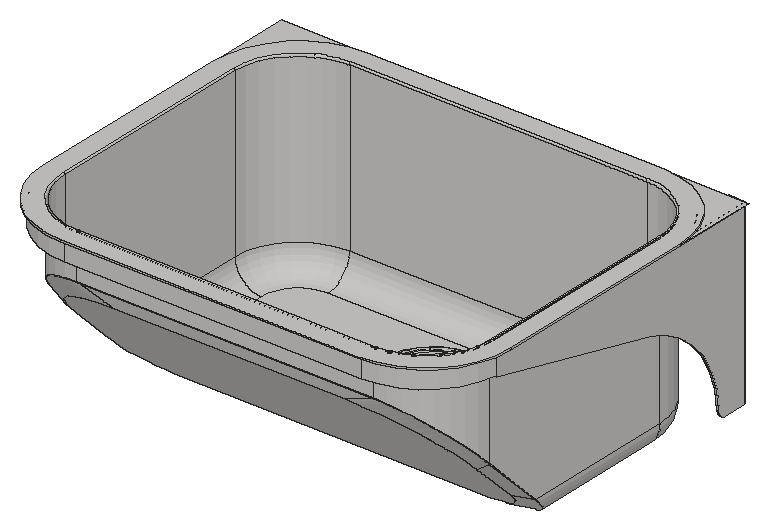
Revit family
Parameters
  Length = 550 mm  # constant formula
  Waste Connection Radius = Waste Connection Diameter / 2  # 45 mm
  Waste Connection = 1 = 1  # yes
  Vent Connection = 1 = 0  # no
  URL = "www.kwikot.com"
  Product Code = "SWT-WM"
  Model = "Classique Wash Trough Laundry Series"
  Manufacturer = "Kwikot"  # constant formula
  Keynote = "22 41 16.16"
  Drain Stopper Visibility = yes
  Description = "Single Bowl Stainless Steel Wall Mounted"
  Width = 450 mm  # constant formula
  Depth = 230 mm  # constant formula
  HW Connection = 1 = 0  # no
  Family created by = "www.rbuiltcomponents.com"
  Waste Connection Diameter = 90 mm  # constant formula
  Default Elevation = 1219.2 mm
  CW Connection = 1 = 0  # no
  Body Finish = Stainless_Steel-Kwikot-Satin
  Assembly Code = "D2010400"
Reference planes
  plane 1 "Bottom": z = 0
  plane 2 "Center (Front/Back)": y = -188
  plane 3 "Center (Left/Right)": x = -140
  plane 4 "Top": z = 230
  plane 5 "Bowl Top": z = 228
  plane 6: x = -415
  plane 7: x = 135
  plane 8: y = -413
  plane 9 "Back": y = 37
  plane 10 "B Right": x = 110
  plane 11 "B Left": x = -390
  plane 12: y = 12
  plane 13: y = -388
  plane 14 "Drain": y = -83
  plane 15 "Slope": through (0, -181.143, -33.143) normal (0, 0.7071, 0.7071)
Forms (mm)
  Sweep 1, solid, material "Stainless_Steel-Kwikot-Satin" <- "Body Finish"
    path origin (0, 0, 230) x (-1, 0, 0) y (0, -1, 0)
      loop
        arc (315, -12) -> (368.033, 9.967) -> (390, 63) r 75
        line (390, 63) -> (390, 313)
        arc (390, 313) -> (368.033, 366.033) -> (315, 388) r 75
        line (315, 388) -> (-35, 388)
        arc (-35, 388) -> (-88.033, 366.033) -> (-110, 313) r 75
        line (-110, 313) -> (-110, 63)
        arc (-110, 63) -> (-88.033, 9.967) -> (-35, -12) r 75
        line (-35, -12) -> (315, -12)
    profile origin (-140, 12, 230) x (0, 1, 0) y (0, 0, 1)
      loop
        line (0, -2) -> (0, -198)
        arc (0, -198) -> (-9.08, -219.92) -> (-31, -229) r 31
        line (-31, -229) -> (-35, -229) -> (-35, -230) -> (-31, -230)
        arc (-31, -230) -> (-8.373, -220.627) -> (1, -198) r 32
        line (1, -198) -> (1, -3)
        arc (1, -3) -> (1.293, -2.293) -> (2, -2) r 1
        line (2, -2) -> (18, -2) -> (18, -26) -> (19, -26) -> (19, -2) -> (25, -2) -> (25, 0) -> (2, 0)
        arc (2, 0) -> (0.586, -0.586) -> (0, -2) r 2
  Extrusion 2, solid, material "Stainless_Steel-Kwikot-Satin" <- "Body Finish"
    sketch origin (0, 0, 0) x (1, 0, 0) y (0, 1, 0)
      loop
        circle (-140, -83) r 58.5
      loop
        arc (-315, -23) -> (-343.284, -34.716) -> (-355, -63) r 40
        line (-355, -63) -> (-355, -313) -> (75, -313) -> (75, -63)
        arc (75, -63) -> (63.284, -34.716) -> (35, -23) r 40
        line (35, -23) -> (-315, -23)
    from 1 to 0
  Revolve 3, solid, material "Stainless_Steel-Kwikot-Satin" <- "Body Finish", visible <- "Drain Stopper Visibility"
    sketch origin (0, -83, 0) x (1, 0, 0) y (0, 0, 1)
      loop
        line (-140.039, 1.027) -> (-144.084, 1.027)
        arc (-144.084, 1.027) -> (-145.334, -0.223) -> (-144.084, -1.473) r 1.25
        line (-144.084, -1.473) -> (-143.039, -1.473) -> (-143.039, -6.473)
        arc (-143.039, -6.473) -> (-144.211, -9.301) -> (-147.039, -10.473) r 4
        line (-147.039, -10.473) -> (-175.039, -10.473)
        arc (-175.039, -10.473) -> (-178.575, -9.008) -> (-180.039, -5.473) r 5
        line (-180.039, -5.473) -> (-180.039, -3.995)
        arc (-180.039, -3.995) -> (-180.077, -2.357) -> (-181.489, -3.187) r 0.95
        line (-181.489, -3.187) -> (-181.489, -1.607)
        arc (-181.489, -1.607) -> (-181.782, -0.9) -> (-182.489, -0.607) r 1
        line (-182.489, -0.607) -> (-192.039, -0.607) -> (-192.039, -1.607) -> (-182.489, -1.607) -> (-182.489, -5.473) -> (-181.039, -5.473)
        arc (-181.039, -5.473) -> (-179.282, -9.715) -> (-175.039, -11.473) r 6
        line (-175.039, -11.473) -> (-140.039, -11.473) -> (-140.039, 1.027)
      axis (-140.039, 1.027) -> (-140.039, -11.473)
    angle from 0 to 360
  Extrusion 4, void
    sketch origin (-170.202, 60.252, 0) x (1, 0, 0) y (0, 1, 0)
      loop
        line (-2.798, -141.752) -> (-2.798, -144.752) -> (7.202, -144.752) -> (7.202, -141.752) -> (-2.798, -141.752)
      loop
        line (63.202, -141.752) -> (53.202, -141.752) -> (53.202, -144.752) -> (63.202, -144.752) -> (63.202, -141.752)
      loop
        line (-0.86, -154.494) -> (0.288, -157.266) -> (9.527, -153.439) -> (8.379, -150.667) -> (-0.86, -154.494)
      loop
        line (60.116, -129.237) -> (50.877, -133.064) -> (52.025, -135.836) -> (61.264, -132.009) -> (60.116, -129.237)
      loop
        line (5.807, -165.525) -> (7.928, -167.647) -> (14.999, -160.576) -> (12.878, -158.454) -> (5.807, -165.525)
      loop
        line (52.476, -118.856) -> (45.405, -125.927) -> (47.526, -128.049) -> (54.597, -120.978) -> (52.476, -118.856)
      loop
        line (16.188, -173.166) -> (18.959, -174.314) -> (22.786, -165.075) -> (20.015, -163.927) -> (16.188, -173.166)
      loop
        line (41.445, -112.189) -> (37.618, -121.428) -> (40.39, -122.576) -> (44.216, -113.338) -> (41.445, -112.189)
      loop
        line (28.702, -176.252) -> (31.702, -176.252) -> (31.702, -166.252) -> (28.702, -166.252) -> (28.702, -176.252)
      loop
        line (28.702, -110.252) -> (28.702, -120.252) -> (31.702, -120.252) -> (31.702, -110.252) -> (28.702, -110.252)
      loop
        line (41.445, -174.314) -> (44.216, -173.166) -> (40.39, -163.927) -> (37.618, -165.075) -> (41.445, -174.314)
      loop
        line (16.188, -113.338) -> (20.015, -122.576) -> (22.786, -121.428) -> (18.959, -112.189) -> (16.188, -113.338)
      loop
        line (52.476, -167.647) -> (54.597, -165.525) -> (47.526, -158.454) -> (45.405, -160.576) -> (52.476, -167.647)
      loop
        line (5.807, -120.978) -> (12.878, -128.049) -> (14.999, -125.927) -> (7.928, -118.856) -> (5.807, -120.978)
      loop
        line (60.116, -157.266) -> (61.264, -154.494) -> (52.025, -150.667) -> (50.877, -153.439) -> (60.116, -157.266)
      loop
        line (-0.86, -132.009) -> (8.379, -135.836) -> (9.527, -133.064) -> (0.288, -129.237) -> (-0.86, -132.009)
    from -16.779 to 10
  Revolve 5, solid, material "Stainless_Steel-Kwikot-Satin" <- "Body Finish"
    sketch origin (0, -83, 0) x (1, 0, 0) y (0, 0, 1)
      loop
        line (-185, -2.086) -> (-194.595, -2.086)
        arc (-194.595, -2.086) -> (-195.24, -1.763) -> (-195.5, -1.091) r 1
        line (-195.5, -1.091) -> (-195.5, 0)
        arc (-195.5, 0) -> (-195.793, 0.707) -> (-196.5, 1) r 1
        line (-196.5, 1) -> (-198.5, 1) -> (-198.5, 0) -> (-196.5, 0) -> (-196.5, -1.091)
        arc (-196.5, -1.091) -> (-195.961, -2.457) -> (-194.634, -3.086) r 2
        line (-194.634, -3.086) -> (-186, -3.086) -> (-186, -7) -> (-185, -7) -> (-185, -2.086)
      axis (-140, 1) -> (-140, -7)
    angle from 0 to 360
  Extrusion 6, void
    sketch origin (-140, 0, 0) x (0, 1, 0) y (0, 0, 1)
      loop
        line (-214.287, 0) -> (-413, 198.713) -> (-413, 0) -> (-214.287, 0)
    from -300 to 300
  SweptBlend 7, solid, material "Stainless_Steel-Kwikot-Satin" <- "Body Finish"
    path origin (-140, 0, 0) x (0, 1, 0) y (0, 0, 1)
      loop
        line (-301.643, 87.357) -> (-307.316, 81.684)
    profile origin (-140, -301.643, 87.357) x (0, 0.707107, -0.707107) y (1, 0, 0)
      loop
        spline (-123.541, -175) -> (-122.614, -184.956) -> (-119.877, -194.665) -> (-115.356, -204.085) -> (-109.138, -212.997) -> (-101.327, -221.268) -> (-92.056, -228.737) -> (-81.496, -235.291) -> (-69.784, -240.821) -> (-57.207, -245.208) -> (-43.86, -248.412) -> (-30.159, -250.34) -> (-16.061, -251)
        line (-16.061, -251) -> (78.286, -251)
        spline (78.286, -251) -> (84.216, -250.723) -> (89.993, -249.91) -> (95.601, -248.565) -> (100.915, -246.712) -> (105.836, -244.387) -> (110.286, -241.628) -> (114.189, -238.48) -> (117.475, -234.997) -> (120.093, -231.243) -> (121.996, -227.286) -> (123.149, -223.195) -> (123.541, -219)
        line (123.541, -219) -> (123.541, 219)
        spline (123.541, 219) -> (123.149, 223.193) -> (122, 227.278) -> (120.097, 231.243) -> (117.477, 235.001) -> (114.189, 238.481) -> (110.287, 241.627) -> (105.835, 244.387) -> (100.909, 246.711) -> (95.6, 248.562) -> (90.005, 249.908) -> (84.219, 250.723) -> (78.286, 251)
        line (78.286, 251) -> (-16.061, 251)
        spline (-16.061, 251) -> (-30.156, 250.34) -> (-43.866, 248.411) -> (-57.208, 245.207) -> (-69.784, 240.821) -> (-81.496, 235.291) -> (-92.056, 228.742) -> (-101.327, 221.268) -> (-109.145, 212.988) -> (-115.349, 204.095) -> (-119.882, 194.657) -> (-122.607, 184.969) -> (-123.541, 175)
        line (-123.541, 175) -> (-123.541, -175)
    end profile origin (-140, -307.316, 81.684) x (0, 0.707107, -0.707107) y (1, 0, 0)
      loop
        arc (108.541, 186) -> (93.896, 221.355) -> (58.541, 236) r 50
        line (58.541, 236) -> (-8.541, 236)
        arc (-8.541, 236) -> (-79.252, 206.711) -> (-108.541, 136) r 100
        line (-108.541, 136) -> (-108.541, -136)
        arc (-108.541, -136) -> (-79.252, -206.711) -> (-8.541, -236) r 100
        line (-8.541, -236) -> (58.541, -236)
        arc (58.541, -236) -> (93.896, -221.355) -> (108.541, -186) r 50
        line (108.541, -186) -> (108.541, 186)
  Extrusion 8, solid, material "Stainless_Steel-Kwikot-Satin" <- "Body Finish"
    sketch origin (-140, 0, 0) x (0, 1, 0) y (0, 0, 1)
      loop
        line (-366.198, 154.104) -> (-366.198, 158.226)
        arc (-366.198, 158.226) -> (-367.657, 161.748) -> (-371.18, 163.207) r 4.981
        line (-371.18, 163.207) -> (-377.494, 163.207) -> (-224.629, 10.342) -> (-224.629, 16.788)
        arc (-224.629, 16.788) -> (-226.093, 20.324) -> (-229.629, 21.788) r 5
        line (-229.629, 21.788) -> (-233.771, 21.788)
        arc (-233.771, 21.788) -> (-237.306, 23.253) -> (-238.771, 26.788) r 5
        line (-238.771, 26.788) -> (-238.771, 30.93)
        arc (-238.771, 30.93) -> (-240.235, 34.466) -> (-243.771, 35.93) r 5
        line (-243.771, 35.93) -> (-247.913, 35.93)
        arc (-247.913, 35.93) -> (-251.449, 37.395) -> (-252.913, 40.93) r 5
        line (-252.913, 40.93) -> (-252.913, 45.072)
        arc (-252.913, 45.072) -> (-254.378, 48.608) -> (-257.913, 50.072) r 5
        line (-257.913, 50.072) -> (-262.055, 50.072)
        arc (-262.055, 50.072) -> (-265.591, 51.537) -> (-267.055, 55.072) r 5
        line (-267.055, 55.072) -> (-267.055, 59.214)
        arc (-267.055, 59.214) -> (-268.52, 62.75) -> (-272.055, 64.214) r 5
        line (-272.055, 64.214) -> (-276.197, 64.214)
        arc (-276.197, 64.214) -> (-279.733, 65.679) -> (-281.197, 69.214) r 5
        line (-281.197, 69.214) -> (-281.197, 73.357)
        arc (-281.197, 73.357) -> (-282.662, 76.892) -> (-286.197, 78.357) r 5
        line (-286.197, 78.357) -> (-290.339, 78.357)
        arc (-290.339, 78.357) -> (-293.875, 79.821) -> (-295.339, 83.357) r 5
        line (-295.339, 83.357) -> (-295.339, 87.499)
        arc (-295.339, 87.499) -> (-296.804, 91.034) -> (-300.339, 92.499) r 5
        line (-300.339, 92.499) -> (-304.482, 92.499)
        arc (-304.482, 92.499) -> (-308.017, 93.963) -> (-309.482, 97.499) r 5
        line (-309.482, 97.499) -> (-309.482, 101.641)
        arc (-309.482, 101.641) -> (-310.946, 105.176) -> (-314.482, 106.641) r 5
        line (-314.482, 106.641) -> (-318.624, 106.641)
        arc (-318.624, 106.641) -> (-322.159, 108.105) -> (-323.624, 111.641) r 5
        line (-323.624, 111.641) -> (-323.624, 115.783)
        arc (-323.624, 115.783) -> (-325.088, 119.318) -> (-328.624, 120.783) r 5
        line (-328.624, 120.783) -> (-332.766, 120.783)
        arc (-332.766, 120.783) -> (-336.302, 122.247) -> (-337.766, 125.783) r 5
        line (-337.766, 125.783) -> (-337.766, 129.924)
        arc (-337.766, 129.924) -> (-339.231, 133.459) -> (-342.765, 134.923) r 4.999
        line (-342.765, 134.923) -> (-346.913, 134.923)
        arc (-346.913, 134.923) -> (-350.451, 136.389) -> (-351.917, 139.927) r 5.005
        line (-351.917, 139.927) -> (-351.917, 144.049)
        arc (-351.917, 144.049) -> (-353.376, 147.571) -> (-356.899, 149.03) r 4.981
        line (-356.899, 149.03) -> (-361.124, 149.03)
        arc (-361.124, 149.03) -> (-364.712, 150.516) -> (-366.198, 154.104) r 5.074
    from -200 to 200
  Extrusion 9, solid, material "Stainless_Steel-Kwikot-Satin" <- "Body Finish"
    sketch origin (0, 0, 230) x (-1, 0, 0) y (0, -1, 0)
      loop
        line (-135, -37) -> (-35, -37)
        arc (-35, -37) -> (-105.711, -7.711) -> (-135, 63) r 100
        line (-135, 63) -> (-135, -37)
      loop
        line (415, -37) -> (415, 63)
        arc (415, 63) -> (385.711, -7.711) -> (315, -37) r 100
        line (315, -37) -> (415, -37)
    from -1 to -2
  Extrusion 10, solid, material "Stainless_Steel-Kwikot-Satin" <- "Body Finish"
    sketch origin (-390, 0, 0) x (0, 1, 0) y (0, 0, 1)
      loop
        line (37, 228) -> (-326.675, 228) -> (-326.675, 203.779) -> (-103.738, 148.194)
        arc (-103.738, 148.194) -> (-31.695, 103.138) -> (0.044, 24.318) r 137.323
        arc (0.044, 24.318) -> (3.195, 17.692) -> (10.021, 15) r 10
        line (10.021, 15) -> (37, 15) -> (37, 228)
    from -18 to -20
  Extrusion 11, solid, material "Stainless_Steel-Kwikot-Satin" <- "Body Finish"
    sketch origin (110, 0, 0) x (0, 1, 0) y (0, 0, -1)
      loop
        line (37, -228) -> (37, -15) -> (10.021, -15)
        arc (10.021, -15) -> (3.195, -17.692) -> (0.044, -24.318) r 10
        arc (0.044, -24.318) -> (-31.695, -103.138) -> (-103.738, -148.194) r 137.323
        line (-103.738, -148.194) -> (-326.675, -203.779) -> (-326.675, -228) -> (37, -228)
    from -18 to -20
  Extrusion 12, solid, material "Stainless_Steel-Kwikot-Satin" <- "Body Finish"
    sketch origin (0, 37, 0) x (1, 0, 0) y (0, 0, 1)
      loop
        line (129, 15) -> (129, 228) -> (110, 228) -> (110, 15) -> (129, 15)
      loop
        line (-409, 228) -> (-409, 15) -> (-390, 15) -> (-390, 228) -> (-409, 228)
    from 0 to -2
Cuts and joins
  Extrusion 4 cuts Revolve 3
  joined: SweptBlend 7, Extrusion 8
  Extrusion 6 cuts Sweep 1
  Extrusion 6 cuts Extrusion 2
  joined: Sweep 1, Extrusion 2, Extrusion 9, Extrusion 10, Extrusion 11, Extrusion 12
Lines and regions (mm)
  Masking region 1
    outline origin (0, 0, 0) x (1, 0, 0) y (0, 1, 0)
      loop
        line (-415, 37) -> (-415, -313)
        arc (-415, -313) -> (-385.711, -383.711) -> (-315, -413) r 100
        line (-315, -413) -> (35, -413)
        arc (35, -413) -> (105.711, -383.711) -> (135, -313) r 100
        line (135, -313) -> (135, 37) -> (-415, 37)
  Masking region 2
    outline origin (0, -188, 0) x (1, 0, 0) y (0, 0, 1)
      loop
        line (135, 230) -> (-415, 230) -> (-415, 228) -> (-409, 228) -> (-409, 204) -> (-389.75, 204) -> (-387.023, 29.476)
        arc (-387.023, 29.476) -> (-378.055, 8.602) -> (-357.028, 0) r 30
        line (-357.028, 0) -> (-186.25, 0) -> (-183.75, -5) -> (-96.25, -5) -> (-93.75, 0) -> (77.028, 0)
        arc (77.028, 0) -> (98.055, 8.602) -> (107.023, 29.476) r 30
        line (107.023, 29.476) -> (109.75, 204) -> (129, 204) -> (129, 228) -> (135, 228) -> (135, 230)
  Masking region 3
    outline origin (95, 0, 0) x (0, 1, 0) y (0, 0, 1)
      loop
        line (37, 230) -> (-413, 230) -> (-413, 228) -> (-406, 228) -> (-406, 204) -> (-387.63, 204) -> (-387.176, 174.522)
        arc (-387.176, 174.522) -> (-385.596, 167.034) -> (-381.32, 160.688) r 20
        line (-381.32, 160.688) -> (-226.49, 5.858)
        arc (-226.49, 5.858) -> (-220.002, 1.522) -> (-212.348, 0) r 20
        line (-212.348, 0) -> (-130.5, 0) -> (-128, -5) -> (-38, -5) -> (-35.354, 0.292)
        arc (-35.354, 0.292) -> (-18.922, 5.016) -> (-5.042, 15) r 50
        line (-5.042, 15) -> (37, 15) -> (37, 230)
  symbolic lines, style "Sink"
    curve 1: line (-186.25, -188, 0) -> (-93.75, -188, 0)
    curve 2: line (95, -326.675, 204) -> (95, -387.63, 204)
    curve 3: line (95, -35.5, 0) -> (95, -130.5, 0)
    curve 4: line (-315, 12, 0) -> (35, 12, 0)
    curve 5: line (-390, -313, 0) -> (-390, -63, 0)
    curve 6: line (35, -388, 0) -> (-315, -388, 0)
    curve 7: line (110, -63, 0) -> (110, -313, 0)
    curve 8: line (-390.125, -188, 204) -> (110.125, -188, 204)
    curve 9: arc (-315, 12, 0) -> (-368.033, -9.967, 0) -> (-390, -63, 0) r 75
    curve 10: arc (110, -63, 0) -> (88.033, -9.967, 0) -> (35, 12, 0) r 75
    curve 11: arc (110, -313, 0) -> (88.033, -366.033, 0) -> (35, -388, 0) r 75
    curve 12: arc (-315, -388, 0) -> (-368.033, -366.033, 0) -> (-390, -313, 0) r 75
    curve 13: arc (-180.039, -82.748, 0) -> (-140.039, -42.748, 0) -> (-100.039, -82.748, 0) r 40
    curve 14: arc (-100.039, -82.748, 0) -> (-140.039, -122.748, 0) -> (-180.039, -82.748, 0) r 40
    curve 31: arc (-315, 37, 0) -> (-385.711, 7.711, 0) -> (-415, -63, 0) r 100
    curve 32: arc (135, -63, 0) -> (105.711, 7.711, 0) -> (35, 37, 0) r 100
    curve 33: line (-140, -326.675, 203.779) -> (-140, -103.738, 148.194)
    curve 34: arc (-140, -103.738, 148.194) -> (-140, -31.695, 103.138) -> (-140, 0.044, 24.318) r 137.323
    curve 35: arc (-140, 0.044, 24.318) -> (-140, 3.195, 17.692) -> (-140, 10.021, 15) r 10
    curve 36: line (-140, -326.675, 203.779) -> (-140, -326.675, 228)
    curve 37: line (95, 37, 228) -> (95, -406, 228)
  symbolic lines, style "Sink", detail levels fine
    curve 15: arc (-195.039, -82.748, 0) -> (-140.039, -27.748, 0) -> (-85.039, -82.748, 0) r 55
    curve 16: arc (-85.039, -82.748, 0) -> (-140.039, -137.748, 0) -> (-195.039, -82.748, 0) r 55
    curve 18: line (-340, -224.629, 0) -> (-340, -369.629, 0)
    curve 19: line (60, -369.629, 0) -> (60, -224.629, 0)
    curve 20: line (60, -224.629, 0) -> (-340, -224.629, 0)
    curve 21: line (60, -237.129, 0) -> (-340, -237.129, 0)
    curve 22: line (60, -252.129, 0) -> (-340, -252.129, 0)
    curve 23: line (60, -267.129, 0) -> (-340, -267.129, 0)
    curve 24: line (60, -282.129, 0) -> (-340, -282.129, 0)
    curve 25: line (60, -297.129, 0) -> (-340, -297.129, 0)
    curve 26: line (60, -312.129, 0) -> (-340, -312.129, 0)
    curve 27: line (60, -327.129, 0) -> (-340, -327.129, 0)
    curve 28: line (60, -342.129, 0) -> (-340, -342.129, 0)
    curve 29: line (60, -357.129, 0) -> (-340, -357.129, 0)
    curve 30: line (60, -369.629, 0) -> (-340, -369.629, 0)
  reference lines
    curve 17: line (-390, -381.692, 167.405) -> (110, -381.692, 167.405)
Dimensions and locks
  locked: plane 4 "Top" to level at 230
  plane 4 "Top" to plane 5 "Bowl Top" = 2 mm
  equal spacing: plane 6, plane 3 "Center (Left/Right)", plane 7
  locked: plane 6 to plane 7 at 550
  equal spacing: plane 11 "B Left", plane 3 "Center (Left/Right)", plane 10 "B Right"
  locked: plane 11 "B Left" to plane 10 "B Right" at 500
  equal spacing: plane 8, plane 2 "Center (Front/Back)", plane 9 "Back"
  locked: plane 8 to plane 9 "Back" at 450
  equal spacing: plane 13, plane 2 "Center (Front/Back)", plane 12
  locked: plane 13 to plane 12 at 400
  locked: plane 14 "Drain" to plane 12 at 95
  locked: plane 15 "Slope" to plane 8 at 140.511
  locked: plane 1 "Bottom" to plane 15 "Slope" (angle 45.00°)
  aligned and locked: plane 1 "Bottom" to Extrusion 6 sketch curve
  aligned and locked: plane 8 to Extrusion 6 sketch curve
  aligned and locked: plane 11 "B Left" to curve 5
  aligned and locked: plane 12 to curve 4
  aligned and locked: curve 7 to plane 10 "B Right"
  aligned and locked: curve 6 to plane 13
  aligned and locked: plane 6 to Masking region 1 sketch curve
  aligned and locked: plane 9 "Back" to Masking region 1 sketch curve
  aligned and locked: Masking region 1 sketch curve to plane 7
  aligned and locked: Masking region 1 sketch curve to plane 8
  aligned and locked: Masking region 2 to curve 8
  aligned and locked: Extrusion 9 sketch curve to plane 9 "Back"
  aligned and locked: Extrusion 9 sketch curve to plane 6
  aligned and locked: Extrusion 9 sketch curve to plane 7
  aligned and locked: plane 9 "Back" to Extrusion 10 sketch curve
  aligned and locked: plane 5 "Bowl Top" to Extrusion 10 sketch curve
  aligned and locked: plane 10 "B Right" to Extrusion 12 sketch curve
  aligned and locked: plane 11 "B Left" to Extrusion 12 sketch curve
  aligned and locked: plane 5 "Bowl Top" to Extrusion 12 sketch curve
Automatic sketch dimensions
  Sweep 1 sketch curve to plane 10 "B Right" = 0 mm
  plane 13 to Sweep 1 sketch curve = 0 mm
  plane 12 to Sweep 1 sketch curve = 0 mm
  Sweep 1 sketch curve to plane 11 "B Left" = 0 mm
  Sweep 1 sketch curve to plane 10 "B Right" = 75 mm  (x2)
  plane 11 "B Left" to Sweep 1 sketch curve = 75 mm  (x2)
  Sweep 1 sketch curve to Sweep 1 sketch curve = 0 mm  (x5)
  Sweep 1 sketch curve to profile plane = 0 mm  (x2)
  profile plane to Sweep 1 sketch curve = 31 mm
  Sweep 1 sketch curve to Sweep 1 sketch curve = 4 mm
  Sweep 1 sketch curve to profile plane = 1 mm
  Sweep 1 sketch curve to profile plane = 2 mm
  Sweep 1 sketch curve to profile plane = 18 mm
  Sweep 1 sketch curve to Sweep 1 sketch curve = 1 mm
  Sweep 1 sketch curve to Sweep 1 sketch curve = 6 mm
  Sweep 1 sketch curve to Sweep 1 sketch curve = 24 mm
  Sweep 1 sketch curve to Sweep 1 sketch curve = 172 mm
  Extrusion 2 sketch curve to Extrusion 2 sketch curve = 0 mm  (x2)
  plane 14 "Drain" to Extrusion 2 sketch curve = 0 mm
  Extrusion 2 sketch curve to plane 3 "Center (Left/Right)" = 0 mm
  Extrusion 2 sketch curve to plane 3 "Center (Left/Right)" = 58.5 mm
  plane 12 to Extrusion 2 sketch curve = 35 mm
  plane 11 "B Left" to Extrusion 2 sketch curve = 75 mm
  Extrusion 2 sketch curve to plane 14 "Drain" = 20 mm
  Extrusion 2 sketch curve to plane 10 "B Right" = 75 mm
  Extrusion 2 sketch curve to plane 10 "B Right" = 35 mm
  Extrusion 2 sketch curve to plane 13 = 75 mm
  plane 11 "B Left" to Masking region 1 sketch curve = 75 mm
  Masking region 1 sketch curve to plane 10 "B Right" = 75 mm
  Masking region 2 sketch curve to plane 5 "Bowl Top" = 0 mm  (x2)
  Masking region 2 sketch curve to plane 6 = 0 mm
  Masking region 2 sketch curve to level = 0 mm  (x2)
  Masking region 2 sketch curve to plane 7 = 0 mm
  Masking region 2 sketch curve to plane 4 "Top" = 0 mm
  plane 6 to Masking region 2 sketch curve = 6 mm
  plane 11 "B Left" to Masking region 2 sketch curve = 0.25 mm
  plane 11 "B Left" to Masking region 2 sketch curve = 2.977 mm
  plane 11 "B Left" to Masking region 2 sketch curve = 32.972 mm
  Masking region 2 sketch curve to plane 3 "Center (Left/Right)" = 46.25 mm
  Masking region 2 sketch curve to Masking region 2 sketch curve = 2.5 mm  (x2)
  Masking region 2 sketch curve to level = 5 mm
  plane 3 "Center (Left/Right)" to Masking region 2 sketch curve = 43.75 mm
  Masking region 2 sketch curve to plane 10 "B Right" = 32.972 mm
  Masking region 2 sketch curve to plane 10 "B Right" = 2.977 mm
  Masking region 2 sketch curve to plane 10 "B Right" = 0.25 mm
  Masking region 2 sketch curve to plane 7 = 6 mm
  level to Masking region 2 sketch curve = 29.476 mm  (x2)
  Masking region 2 sketch curve to plane 5 "Bowl Top" = 24 mm  (x2)
  curve 1 to level = 0 mm
  curve 8 to plane 11 "B Left" = 0.125 mm
  curve 1 to plane 3 "Center (Left/Right)" = 46.25 mm
  plane 3 "Center (Left/Right)" to curve 1 = 46.25 mm
  plane 10 "B Right" to curve 8 = 0.125 mm
  Masking region 3 sketch curve to plane 4 "Top" = 0 mm
  Masking region 3 sketch curve to plane 8 = 0 mm
  Masking region 3 sketch curve to plane 5 "Bowl Top" = 0 mm
  Masking region 3 sketch curve to level = 0 mm
  Masking region 3 sketch curve to plane 8 = 7 mm
  Masking region 3 sketch curve to plane 13 = 0.37 mm
  Masking region 3 sketch curve to plane 13 = 0.824 mm
  Masking region 3 sketch curve to plane 13 = 6.68 mm
  Masking region 3 sketch curve to Masking region 3 sketch curve = 14.142 mm  (x2)
  level to Masking region 3 sketch curve = 5.858 mm
  plane 2 "Center (Front/Back)" to Masking region 3 sketch curve = 38.49 mm
  plane 14 "Drain" to Masking region 3 sketch curve = 47.5 mm
  Masking region 3 sketch curve to Masking region 3 sketch curve = 2.5 mm
  Masking region 3 sketch curve to plane 14 "Drain" = 42.251 mm
  Masking region 3 sketch curve to level = 5 mm
  Masking region 3 sketch curve to plane 14 "Drain" = 45 mm
  level to Masking region 3 sketch curve = 0.292 mm
  Masking region 3 sketch curve to Masking region 3 sketch curve = 2.646 mm
  level to Masking region 3 sketch curve = 15 mm
  Masking region 3 sketch curve to plane 5 "Bowl Top" = 67.312 mm
  Masking region 3 sketch curve to Masking region 3 sketch curve = 13.834 mm
  Masking region 3 sketch curve to plane 5 "Bowl Top" = 24 mm
  Revolve 3 sketch curve to Revolve 3 sketch curve = 0 mm  (x4)
  Revolve 3 sketch curve to level = 1.607 mm  (x2)
  Revolve 3 sketch curve to plane 3 "Center (Left/Right)" = 52.039 mm
  Revolve 3 sketch curve to Revolve 3 sketch curve = 9.55 mm
  Revolve 3 sketch curve to Revolve 3 sketch curve = 1 mm  (x2)
  Revolve 3 sketch curve to Revolve 3 sketch curve = 1.45 mm
  Revolve 3 sketch curve to Revolve 3 sketch curve = 0.95 mm
  Revolve 3 sketch curve to Revolve 3 sketch curve = 0.5 mm
  Revolve 3 sketch curve to Revolve 3 sketch curve = 5 mm
  Revolve 3 sketch curve to plane 3 "Center (Left/Right)" = 7.039 mm
  level to Revolve 3 sketch curve = 1.027 mm
  Revolve 3 sketch curve to plane 3 "Center (Left/Right)" = 4.084 mm
  Revolve 3 sketch curve to Revolve 3 sketch curve = 1.044 mm
  Revolve 3 sketch curve to plane 3 "Center (Left/Right)" = 0.039 mm  (x2)
  Revolve 3 sketch curve to Revolve 3 sketch curve = 1.58 mm
  Revolve 3 sketch curve to Revolve 3 sketch curve = 2.286 mm
  Revolve 3 sketch curve to Revolve 3 sketch curve = 12.558 mm
  Revolve 3 sketch curve to level = 1.473 mm
  Revolve 3 sketch curve to Revolve 3 sketch curve = 24.942 mm
  plane 14 "Drain" to Extrusion 4 sketch curve = 1.5 mm  (x2)
  Extrusion 4 sketch curve to plane 3 "Center (Left/Right)" = 33 mm
  plane 14 "Drain" to Extrusion 4 sketch curve = 11.243 mm
  Extrusion 4 sketch curve to Extrusion 4 sketch curve = 1.938 mm  (x5)
  Extrusion 4 sketch curve to plane 14 "Drain" = 11.243 mm
  Extrusion 4 sketch curve to plane 14 "Drain" = 14.014 mm  (x2)
  Extrusion 4 sketch curve to Extrusion 4 sketch curve = 1.148 mm  (x8)
  plane 14 "Drain" to Extrusion 4 sketch curve = 14.014 mm  (x2)
  Extrusion 4 sketch curve to Extrusion 4 sketch curve = 5.519 mm  (x4)
  Extrusion 4 sketch curve to Extrusion 4 sketch curve = 10 mm
  Extrusion 4 sketch curve to Extrusion 4 sketch curve = 2.121 mm  (x8)
  plane 14 "Drain" to Extrusion 4 sketch curve = 7.416 mm  (x2)
  Extrusion 4 sketch curve to plane 14 "Drain" = 7.416 mm  (x2)
  Extrusion 4 sketch curve to Extrusion 4 sketch curve = 3.351 mm  (x8)
  Extrusion 4 sketch curve to Extrusion 4 sketch curve = 8.259 mm  (x4)
  Extrusion 4 sketch curve to Extrusion 4 sketch curve = 2.772 mm  (x4)
  Extrusion 4 sketch curve to Extrusion 4 sketch curve = 5.015 mm  (x8)
  Extrusion 4 sketch curve to plane 3 "Center (Left/Right)" = 1.5 mm  (x2)
  plane 3 "Center (Left/Right)" to Extrusion 4 sketch curve = 1.5 mm  (x2)
  Extrusion 4 sketch curve to Extrusion 4 sketch curve = 5.916 mm  (x2)
  Extrusion 4 sketch curve to Extrusion 4 sketch curve = 9.743 mm  (x2)
  Extrusion 4 sketch curve to Extrusion 4 sketch curve = 1.177 mm  (x3)
  Extrusion 4 sketch curve to plane 14 "Drain" = 1.5 mm  (x2)
  Revolve 5 sketch curve to Revolve 5 sketch curve = 0 mm  (x3)
  Revolve 5 sketch curve to level = 0 mm  (x2)
  Revolve 5 sketch curve to plane 3 "Center (Left/Right)" = 0 mm
  Revolve 5 sketch curve to level = 7 mm
  Revolve 5 sketch curve to plane 3 "Center (Left/Right)" = 45 mm
  Revolve 5 sketch curve to Revolve 5 sketch curve = 1 mm  (x3)
  Revolve 5 sketch curve to level = 1.091 mm
  Revolve 5 sketch curve to Revolve 5 sketch curve = 8.5 mm
  Revolve 5 sketch curve to Revolve 5 sketch curve = 0.095 mm
  Revolve 5 sketch curve to Revolve 5 sketch curve = 0.039 mm
  Revolve 5 sketch curve to Revolve 5 sketch curve = 2 mm
  Revolve 5 sketch curve to level = 24.058 mm
  level to Revolve 5 sketch curve = 25.942 mm
  Extrusion 6 sketch curve to plane 15 "Slope" = 0 mm  (x2)
  SweptBlend 7 sketch curve to plane 15 "Slope" = 0 mm
  SweptBlend 7 sketch curve to plane 13 = 80.684 mm
  SweptBlend 7 sketch curve to SweptBlend 7 sketch curve = 5.673 mm  (x2)
  profile plane to SweptBlend 7 sketch curve = 123.541 mm
  profile plane to SweptBlend 7 sketch curve = 16.061 mm  (x2)
  SweptBlend 7 sketch curve to profile plane = 78.286 mm  (x2)
  SweptBlend 7 sketch curve to SweptBlend 7 sketch curve = 45.255 mm
  SweptBlend 7 sketch curve to plane 3 "Center (Left/Right)" = 251 mm
  SweptBlend 7 sketch curve to SweptBlend 7 sketch curve = 32 mm  (x2)
  SweptBlend 7 sketch curve to SweptBlend 7 sketch curve = 76 mm
  plane 3 "Center (Left/Right)" to SweptBlend 7 sketch curve = 175 mm
  plane 3 "Center (Left/Right)" to SweptBlend 7 sketch curve = 219 mm
  profile plane to SweptBlend 7 sketch curve = 108.541 mm
  profile plane to SweptBlend 7 sketch curve = 8.541 mm  (x2)
  SweptBlend 7 sketch curve to profile plane = 58.541 mm  (x2)
  SweptBlend 7 sketch curve to SweptBlend 7 sketch curve = 50 mm
  SweptBlend 7 sketch curve to plane 3 "Center (Left/Right)" = 236 mm
  plane 3 "Center (Left/Right)" to SweptBlend 7 sketch curve = 136 mm
  curve 17 to plane 10 "B Right" = 0 mm
  curve 17 to plane 11 "B Left" = 0 mm
  Extrusion 8 sketch curve to plane 15 "Slope" = 0 mm  (x2)
  Extrusion 8 sketch curve to plane 13 = 10.506 mm
  Extrusion 8 sketch curve to Extrusion 8 sketch curve = 6.314 mm
  Extrusion 8 sketch curve to Extrusion 8 sketch curve = 4.981 mm  (x2)
  Extrusion 8 sketch curve to Extrusion 8 sketch curve = 5.074 mm
  Extrusion 8 sketch curve to Extrusion 8 sketch curve = 4.226 mm
  Extrusion 8 sketch curve to Extrusion 8 sketch curve = 5.005 mm
  Extrusion 8 sketch curve to Extrusion 8 sketch curve = 4.147 mm
  Extrusion 8 sketch curve to Extrusion 8 sketch curve = 4.999 mm
  Extrusion 8 sketch curve to Extrusion 8 sketch curve = 5 mm  (x16)
  Extrusion 8 sketch curve to Extrusion 8 sketch curve = 4.142 mm  (x15)
  Extrusion 8 sketch curve to Extrusion 8 sketch curve = 6.446 mm
  Extrusion 8 sketch curve to Extrusion 8 sketch curve = 4.141 mm
  Extrusion 8 sketch curve to Extrusion 8 sketch curve = 4.121 mm
  Extrusion 9 sketch curve to plane 7 = 0 mm
  plane 9 "Back" to Extrusion 9 sketch curve = 0 mm  (x3)
  Extrusion 9 sketch curve to plane 6 = 0 mm
  Extrusion 9 sketch curve to plane 10 "B Right" = 75 mm
  Extrusion 9 sketch curve to Extrusion 9 sketch curve = 0 mm  (x4)
  Extrusion 9 sketch curve to plane 14 "Drain" = 20 mm
  plane 12 to Extrusion 10 sketch curve = 1.979 mm
  Extrusion 10 sketch curve to Extrusion 10 sketch curve = 9.977 mm
  Extrusion 10 sketch curve to Extrusion 10 sketch curve = 0 mm
  plane 14 "Drain" to Extrusion 10 sketch curve = 20.738 mm
  level to Extrusion 10 sketch curve = 14.95 mm
  Extrusion 10 sketch curve to plane 2 "Center (Front/Back)" = 51.041 mm
  Extrusion 10 sketch curve to plane 13 = 61.325 mm
  level to Extrusion 10 sketch curve = 15 mm
  Extrusion 10 sketch curve to plane 5 "Bowl Top" = 24.221 mm
  Extrusion 11 sketch curve to plane 5 "Bowl Top" = 0 mm
  Extrusion 11 sketch curve to plane 9 "Back" = 0 mm
  plane 12 to Extrusion 11 sketch curve = 1.979 mm
  Extrusion 11 sketch curve to Extrusion 11 sketch curve = 9.977 mm
  Extrusion 11 sketch curve to Extrusion 11 sketch curve = 0 mm
  plane 14 "Drain" to Extrusion 11 sketch curve = 20.738 mm
  level to Extrusion 11 sketch curve = 14.95 mm
  Extrusion 11 sketch curve to plane 2 "Center (Front/Back)" = 51.041 mm
  Extrusion 11 sketch curve to plane 13 = 61.325 mm
  Extrusion 11 sketch curve to plane 5 "Bowl Top" = 24.221 mm
  Extrusion 11 sketch curve to Extrusion 11 sketch curve = 133.244 mm
  Extrusion 12 sketch curve to plane 5 "Bowl Top" = 0 mm
  plane 6 to Extrusion 12 sketch curve = 6 mm
  Extrusion 12 sketch curve to plane 7 = 6 mm
  level to Extrusion 12 sketch curve = 15 mm  (x2)
  curve 9 to curve 31 = 0 mm  (x2)
  curve 10 to curve 32 = 0 mm  (x2)
  curve 13 to curve 14 = 0 mm  (x2)
  curve 13 to curve 15 = 0 mm  (x2)
  curve 13 to curve 16 = 0 mm  (x2)
  curve 14 to curve 15 = 0 mm  (x2)
  curve 14 to curve 16 = 0 mm  (x2)
  curve 15 to curve 16 = 0 mm  (x2)
  curve 31 to plane 6 = 0 mm
  curve 32 to plane 12 = 25 mm
  plane 11 "B Left" to curve 22 = 50 mm
  plane 11 "B Left" to curve 9 = 75 mm
  curve 18 to curve 6 = 25 mm
  curve 15 to plane 14 "Drain" = 0.252 mm
  curve 15 to plane 3 "Center (Left/Right)" = 55.039 mm
  curve 15 to curve 13 = 15 mm
  curve 14 to plane 3 "Center (Left/Right)" = 0.039 mm
  curve 32 to plane 14 "Drain" = 20 mm
  curve 6 to plane 10 "B Right" = 75 mm
  curve 11 to curve 25 = 25 mm
  curve 30 to plane 13 = 18.371 mm
  curve 19 to curve 29 = 12.5 mm
  curve 29 to curve 28 = 15 mm
  curve 28 to curve 27 = 15 mm
  curve 27 to curve 26 = 15 mm
  curve 26 to curve 25 = 15 mm
  curve 25 to curve 24 = 15 mm
  curve 24 to curve 23 = 15 mm
  curve 23 to curve 22 = 15 mm
  curve 22 to curve 21 = 15 mm
  curve 21 to curve 20 = 12.5 mm
  plane 12 to Masking region 3 sketch curve = 17.042 mm
  plane 9 "Back" to Masking region 3 sketch curve = 0 mm
  curve 36 to plane 5 "Bowl Top" = 0 mm
  curve 33 to plane 5 "Bowl Top" = 24.221 mm
  curve 33 to plane 13 = 61.325 mm
  level to curve 34 = 14.95 mm
  curve 34 to plane 2 "Center (Front/Back)" = 51.041 mm
  plane 14 "Drain" to curve 33 = 20.738 mm
  plane 12 to curve 35 = 11.956 mm
  curve 34 to curve 35 = 0 mm
  plane 12 to curve 35 = 1.979 mm
  level to curve 35 = 15 mm
  curve 37 to plane 5 "Bowl Top" = 0 mm
  curve 3 to level = 0 mm
  curve 37 to plane 9 "Back" = 0 mm
  plane 12 to curve 3 = 47.5 mm
  plane 14 "Drain" to curve 3 = 47.5 mm
  curve 2 to plane 5 "Bowl Top" = 24 mm
  curve 2 to plane 13 = 61.325 mm
  curve 2 to plane 13 = 0.37 mm
  curve 37 to plane 8 = 7 mm
